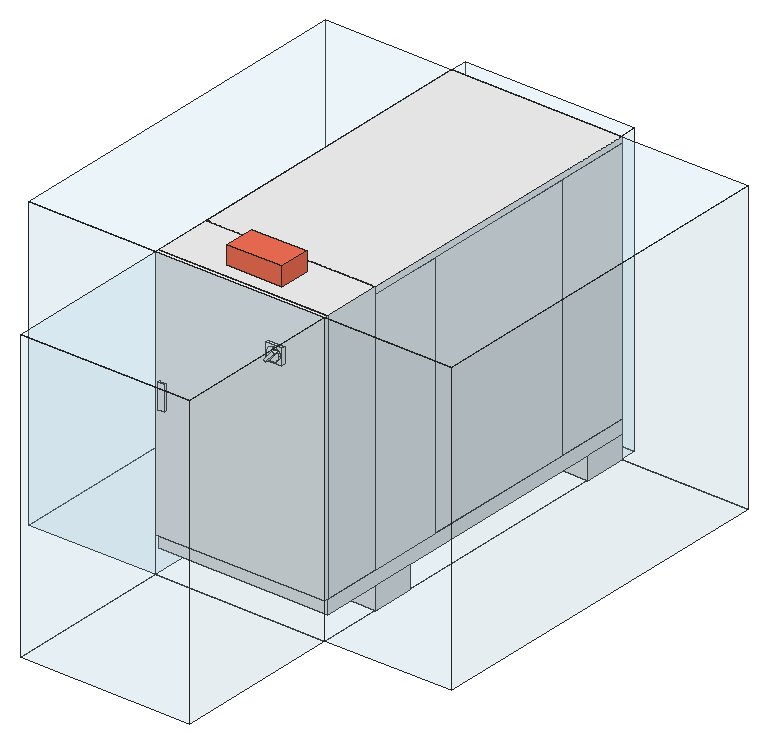
Revit family "VIESSMANN - Vitocal 200-G Pro", category Wyposażenie mechaniczne, Revit 2017
Family settings
  Wymiar okrągłego złącza = Użyj średnicy
  Typ części = Normalny
  Numer OmniClass = 23.75.10.21.17
  Tytuł OmniClass = Water-Source Heat Pumps
  Oparty na płaszczyźnie roboczej = Nie
  Zawsze pionowo = Tak
  Tnij formami wycięć po wczytaniu = Nie
  Współdzielony = Nie
  Punkt obliczania pomieszczeń = Nie
Parameters (values of type "BW 202.A080. Solanka/woda (B0/W35)")
  Średnica odejścia = 65 mm
  etas MT = 139
  etas LT = 189
  Znamionowa moc grzewcza = 75.4 kW
  Zasilanie elektryczne (V/ph/Hz) = "3LNPE/400 V/50 Hz"
  Wysokość całkowita = 1457 mm
  Wydajność chłodnicza = 59.2 kW
  Współczynnik mocy = [Cos Phi sprężarki przy maks. mocy w B15/W35]  # 0.72
  Wielkość napełnienia (wytyczna) = 9.90 kg
  Wersja prawostronna [instance] = not(Wersja lewostronna)  # no
  Wersja lewostronna [instance] = yes
  Viessmann Kolor 4 = Viessmann Kolor 4
  Viessmann Kolor 1 = Viessmann Kolor 1
  URL = "https://www.viessmann-projektant.pl/baza-urzadzen/pompy-ciepla-solankawoda-50-kw/vitocal200gpro"
  Szerokość całkowita = 800 mm
  System rozruchowy = "Moduł łagodnego rozruchu"
  Strefa serwisowa [instance] = yes
  Stopień ochrony = "IP54"
  Stopień efektywności ε (COP) = 4.66
  SCOP MT = 3.68
  SCOP LT = 4.93
  Rodzaj sprężarki = "Scroll - całkowicie hermetyczna"
  Prąd rozruchowy na sprężarkę (sprężarka 1/sprężarka 2) = "79,0/79,0"
  Producent = "Viessmann Sp. z o.o."
  Poziom mocy akustycznej = "79 dB(A)"
  Pobór mocy elektrycznej = 16.2 kW
  Opis = "2-stopniowe pompy ciepła solanka/woda z napędem elektrycznym do stosowania w jedno- lub dwusystemowych instalacjach grzewczych."
  Odsunięcie od ściany komunikat [instance] = if(Odsunięcie od ściany < 80 mm, "UWAGA. Wymagana jest odległość od ściany ≥ 80 mm", "ok")  # "ok"
  Odsunięcie od ściany [instance] = 80 mm
  Odsunięcie konektorów w poziomie 2 [instance] = if(Wersja lewostronna, 107 mm, 1347 mm)  # 107 mm
  Odsunięcie konektorów w poziomie 1 [instance] = if(Wersja lewostronna, 1347 mm, 107 mm)  # 1347 mm
  Odsunięcie konektorów [instance] = if(Wersja lewostronna, 100 mm, 890 mm)  # 100 mm
  Obieg wtórny. Znamionowy przepływ objętościowy (wartość zalecana do projektowania) = 13.1 m³/h
  Obieg wtórny. Różnica temperatur = 5  # 5 °C
  Obieg wtórny. Pojemność wymiennika ciepła (woda) = 13.1 L
  Obieg wtórny. Opór przepływu przy znamionowym przepływie objętościowym (całkowita strata ciśnienia skraplacza z przyłączami) = 6.0 kPa
  Obieg wtórny. Opór przepływu przy minimalnym przepływie objętościowym = 4.0 kPa
  Obieg wtórny. Minimalny przepływ objętościowy = 9.1 m³/h
  Obieg wtórny. Maks. temperatura na zasilaniu na wlocie z obiegu pierwotnego B 0°C = 55 °C
  Obieg wtórny. Maks. temperatura na zasilaniu na wlocie z obiegu pierwotnego B +8°C = 0 °C
  Obieg wtórny. Maks. temperatura na zasilaniu na wlocie z obiegu pierwotnego B +5°C = 60 °C
  Obieg wtórny. Dop. ciśnienie robocze = 1.0 MPa
  Obieg wtórny od strony zestawu przyłączy (kołnierz) = "DN 65/PN 10"
  Obieg wtórny od strony skraplacza (Victaulic) = "2½\" (DN 65)"
  Obieg pierwotny. Znamionowy przepływ objętościowy (wartość zalecana do projektowania) = 17.7 m³/h
  Obieg pierwotny. Różnica temperatur = 3  # 3 °C
  Obieg pierwotny. Pojemność wymiennika ciepła (solanka) = 9.1 L
  Obieg pierwotny. Opór przepływu przy znamionowym przepływie objętościowym (całkowita strata ciśnienia skraplacza z przyłączami) = 26.0 kPa
  Obieg pierwotny. Opór przepływu przy minimalnym przepływie objętościowym = 20.0 kPa
  Obieg pierwotny. Ochrona przed zamarzaniem/temperatura początku krystalizacji (zalecany czynnik chłodzący Tyfocor) = -12.3 °C
  Obieg pierwotny. Minimalny przepływ objętościowy = 12.4 m³/h
  Obieg pierwotny. Dop. ciśnienie robocze = 1.0 MPa
  Obieg pierwotny od strony zestawu przyłączy (kołnierz) = "DN 65/PN 10"
  Obieg pierwotny od strony parownika (Victaulic) = "2½\" (DN 65)"
  Obciążenie pozorne = Całkowity maksymalny pobór mocy / Współczynnik mocy  # 36388.9 W
  Natężenie znamionowe sprężarek (łącznie) = 32.5 A
  Napięcie znamionowe = 400 V
  Największe wewnętrzne zabezpieczenie pompy ciepła (charakterystyka zadziałania "C") = 32 A
  Model = "Solankowa pompa ciepła Vitocal 200-G PRO 80kW / Brine-water heat pump Vitocal 200-G PRO 80kW"  # constant formula
  Masa całkowita (urządzenie podstawowe bez opcjonalnej obudowy) = 452.00 kg
  Maksymalne dopuszczalne zabezpieczenie zasilania przez inwestora = 63 A
  Maks. prąd roboczy = 45.3 A
  Liczba sprężarek = 2
  Liczba obiegów chłodniczych = 1
  Liczba biegunów = 3  # constant formula
  Ilość oleju = 6.6 L
  Długość całkowita = 1753 mm
  Dopuszczalne ciśnienie robocze. Strona wysokociśnieniowa = 4.5 MPa
  Dopuszczalne ciśnienie robocze. Strona niskociśnieniowa = 1.8 MPa
  Częstotliwość = 50 Hz
  Czynnik chłodniczy = "R410A"
  Cos Phi sprężarki przy maks. mocy w B15/W35 = 0.72
  Całkowity prąd rozruchowy (stopniowo) = 101.7 A
  Całkowity maksymalny pobór mocy = 26.2 kW
  Autor = "www.archispace.pl"
Types (3, lengths in mm): name | etas MT | Znamionowa moc grzewcza | Wydajność chłodnicza | Wielkość napełnienia (wytyczna) | Stopień efektywności ε (COP) | SCOP MT | SCOP LT | Prąd rozruchowy na sprężarkę (sprężarka 1/sprężarka 2) | Poziom mocy akustycznej | Pobór mocy elektrycznej | Obieg wtórny. Znamionowy przepływ objętościowy (wartość zalecana do projektowania) | Obieg wtórny. Różnica temperatur | Obieg wtórny. Pojemność wymiennika ciepła (woda) | Obieg wtórny. Minimalny przepływ objętościowy | Obieg pierwotny. Znamionowy przepływ objętościowy (wartość zalecana do projektowania) | Obieg pierwotny. Różnica temperatur | Obieg pierwotny. Pojemność wymiennika ciepła (solanka) | Obieg pierwotny. Opór przepływu przy znamionowym przepływie objętościowym (całkowita strata ciśnienia skraplacza z przyłączami) | Obieg pierwotny. Minimalny przepływ objętościowy | Obciążenie pozorne | Natężenie znamionowe sprężarek (łącznie) | Największe wewnętrzne zabezpieczenie pompy ciepła (charakterystyka zadziałania "C") | Masa całkowita (urządzenie podstawowe bez opcjonalnej obudowy) | Maksymalne dopuszczalne zabezpieczenie zasilania przez inwestora | Maks. prąd roboczy | Ilość oleju | Całkowity prąd rozruchowy (stopniowo) | Całkowity maksymalny pobór mocy
  (no name) | 139 | 75.4 kW | 59.2 kW | 9.90 kg | 4.66 | 3.68 | 4.93 | "79,0/79,0" | "79 dB(A)" | 16.2 kW | 13.1 m³/h | 5 (stored number, unit not read) | 13.1 L | 9.1 m³/h | 17.7 m³/h | 3 (stored number, unit not read) | 9.1 L | 26.0 kPa | 12.4 m³/h | 36388.9 W | 32.5 A | 32 A | 452.00 kg | 63 A | 45.3 A | 6.6 L | 101.7 A | 26.2 kW
  BW 202.A080. Solanka/woda (B0/W35) | 139 | 75.4 kW | 59.2 kW | 9.90 kg | 4.66 | 3.68 | 4.93 | "79,0/79,0" | "79 dB(A)" | 16.2 kW | 13.1 m³/h | 5 °C | 13.1 L | 9.1 m³/h | 17.7 m³/h | 3 °C | 9.1 L | 26.0 kPa | 12.4 m³/h | 36388.9 W | 32.5 A | 32 A | 452.00 kg | 63 A | 45.3 A | 6.6 L | 101.7 A | 26.2 kW
  BW 202.A100. Solanka/woda (B0/W35) | 140 | 101.0 kW | 79.3 kW | 13.50 kg | 4.65 | 3.7 | 4.92 | "98,0/107,5" | "84 dB(A)" | 21.7 kW | 17.4 m³/h | 5 °C | 17.2 L | 12.2 m³/h | 23.5 m³/h | 3 °C | 12.1 L | 27.0 kPa | 16.5 m³/h | 48611.1 W | 42.9 A | 50 A | 538.00 kg | 80 A | 59.9 A | 10.3 L | 133.5 A | 35.0 kW
Reference planes
  plane 1 "Środek (Przód/Tył)": y = -30
  plane 2: z = 0
  plane 3 "Środek (Lewa/Prawa)": x = 0
  plane 4: x = -500
  plane 5: x = -400
  plane 6: z = 429
  plane 7: z = 959
  plane 8: y = -1377
  plane 9: z = 429
  plane 10: z = 959
  plane 11: y = -1347
  plane 12: y = 50
Forms (mm)
  Sweep 1, solid, not visible
    path origin (-557.926, -1377, 1200) x (-1, 0, 0) y (0, 0, 1)
      loop
        line (-557.926, -1200) -> (-157.926, -1200)
    profile origin (-200, -1377, 0) x (0, 0, 1) y (0, 1, 0)
      loop
        circle (959, 0) r 32.5
      loop
        circle (429, 0) r 32.5
  Sweep 2, solid, not visible
    path origin (-557.926, -1347, 1200) x (-1, 0, 0) y (0, 0, 1)
      loop
        line (-557.926, -1200) -> (-157.926, -1200)
    profile origin (-200, -1347, 0) x (0, 0, 1) y (0, 1, 0)
      loop
        circle (959, 1210) r 32.5
      loop
        circle (429, 1210) r 32.5
  Extrusion 3, solid, material "Viessmann Strefy Serwisowe", visible <- "Strefa serwisowa"
    sketch origin (0, 0, 0) x (1, 0, 0) y (0, 1, 0)
      loop
        line (-400, -30) -> (-1000, -30) -> (-1000, -1783) -> (-400, -1783) -> (-400, -30)
    from 0 to 1370
  Extrusion 4, solid, material "Viessmann Strefy Serwisowe", visible <- "Strefa serwisowa"
    sketch origin (0, 0, 0) x (-1, 0, 0) y (0, -1, 0)
      loop
        line (-400, 30) -> (-400, 1783) -> (-1000, 1783) -> (-1000, 30) -> (-400, 30)
    from 0 to 1370
  Extrusion 5, solid, material "Viessmann Strefy Serwisowe", visible <- "Strefa serwisowa"
    sketch origin (696.269, 2188.659, 0) x (1, 0, 0) y (0, 1, 0)
      loop
        line (-296.269, -2138.659) -> (-1096.269, -2138.659) -> (-1096.269, -2218.659) -> (-296.269, -2218.659) -> (-296.269, -2138.659)
    from 0 to 1370
  Extrusion 6, solid, material "Viessmann Strefy Serwisowe", visible <- "Strefa serwisowa"
    sketch origin (1476.269, 248.659, 0) x (1, 0, 0) y (0, 1, 0)
      loop
        line (-1076.269, -2031.659) -> (-1876.269, -2031.659) -> (-1876.269, -2831.659) -> (-1076.269, -2831.659) -> (-1076.269, -2031.659)
    from 0 to 1370
Dimensions and locks
  locked: plane 3 "Środek (Lewa/Prawa)" to plane 4 at 500
  "Odsunięcie konektorów": plane 5 to plane 4
  locked: level to plane 6 at 429
  locked: level to plane 7 at 959
  "Odsunięcie konektorów w poziomie 1": plane 8 to plane 1 "Środek (Przód/Tył)"
  "Odsunięcie konektorów w poziomie 2": plane 1 "Środek (Przód/Tył)" to Sweep 2 sketch curve  (x2)
  locked: Extrusion 3 sketch curve to plane 3 "Środek (Lewa/Prawa)" at 400
  Extrusion 3 sketch curve to Extrusion 3 sketch curve = 600 mm
  Extrusion 4 sketch curve to Extrusion 4 sketch curve = 600 mm
  Extrusion 5 sketch curve to Extrusion 5 sketch curve = 800 mm
  Extrusion 6 sketch curve to Extrusion 6 sketch curve = 800 mm  (x2)
  Extrusion 6 to Extrusion 6 = 800 mm
  locked: Extrusion 6 sketch curve to plane 3 "Środek (Lewa/Prawa)" at 400
  locked: plane 3 "Środek (Lewa/Prawa)" to Extrusion 6 sketch curve at 400
  locked: Extrusion 5 sketch curve to plane 3 "Środek (Lewa/Prawa)" at 400
  locked: plane 3 "Środek (Lewa/Prawa)" to Extrusion 5 sketch curve at 400
  "Odsunięcie od ściany": plane 12 to plane 1 "Środek (Przód/Tył)"
  aligned and locked: level to plane 2
  aligned and locked: plane 3 "Środek (Lewa/Prawa)" to Sweep 1 sketch curve
  aligned and locked: plane 5 to Sweep 1 sketch curve
  aligned and locked: Sweep 1 sketch curve to plane 7
  aligned and locked: Sweep 1 sketch curve to plane 6
  aligned and locked: profile plane to Sweep 1 sketch curve  (x2)
  aligned and locked: Sweep 2 sketch curve to plane 10
  aligned and locked: Sweep 2 sketch curve to plane 9
  aligned and locked: plane 5 to Sweep 2 sketch curve
  aligned and locked: plane 3 "Środek (Lewa/Prawa)" to Sweep 2 sketch curve
  aligned and locked: plane 1 "Środek (Przód/Tył)" to nested 1
  aligned and locked: plane 1 "Środek (Przód/Tył)" to Extrusion 5
Automatic sketch dimensions
  Sweep 1 sketch curve to level = 0 mm
  Sweep 2 sketch curve to level = 0 mm
  plane 1 "Środek (Przód/Tył)" to Extrusion 3 sketch curve = 0 mm
  plane 1 "Środek (Przód/Tył)" to Extrusion 3 sketch curve = 1753 mm
  plane 1 "Środek (Przód/Tył)" to Extrusion 4 sketch curve = 0 mm
  Extrusion 4 sketch curve to plane 3 "Środek (Lewa/Prawa)" = 1000 mm
  Extrusion 4 sketch curve to plane 1 "Środek (Przód/Tył)" = 1753 mm
  Extrusion 5 sketch curve to plane 12 = 0 mm
  plane 1 "Środek (Przód/Tył)" to Extrusion 5 sketch curve = 0 mm
  plane 1 "Środek (Przód/Tył)" to Extrusion 6 sketch curve = 2553 mm
  radius of Sweep 1 sketch curve = 32.5 mm  (x2)
  radius of Sweep 2 sketch curve = 32.5 mm  (x2)
Nested families
  nested 1: "Vitocal 200-G Pro" at (0, -30, 0), type "BW 202.A"
Connectors
  electrical at (0, -30, 755), driven by "Napięcie znamionowe", driven by "Współczynnik mocy", driven by "Obciążenie pozorne", driven by "Liczba biegunów", driven by "Obciążenie pozorne"
    settings: on nested 1, index 1, voltage 400 V, apparent load 36388.9 W, apparent load phase1 36388.9 W, apparent load phase2 0 W, apparent load phase3 0 W, power factor 0.72, load classification "Moc", number of poles 3, system type 30, power factor state 1, is connector primary yes, connector utility no, sub classification motor no, connector description ""
  piping at (-400, -137, 959), diameter 65, driven by "Średnica odejścia", driven by "Obieg pierwotny. Znamionowy przepływ objętościowy (wartość zalecana do projektowania)"
    settings: on Sweep 2, index 2, connector inside diameter 609.6 mm, connector length 0 mm, flow factor 0, pipe flow 17.7 m³/h, pressure drop 0.0 kPa, fitting loss kfactor 0, connector angle 0.00°, fixture units 0, engagement length 0 mm, angle of deflection 0.00°, flow configuration 1, flow direction 2, fitting loss method 0, system type 7, joint type 0, gender type 0, connector reference index -1, connector utility 0, adjustable connector no, is connector primary yes, connector description ""
  piping at (-400, -137, 429), diameter 65, driven by "Średnica odejścia", driven by "Obieg pierwotny. Znamionowy przepływ objętościowy (wartość zalecana do projektowania)"
    settings: on Sweep 2, index 3, connector inside diameter 609.6 mm, connector length 0 mm, flow factor 0, pipe flow 17.7 m³/h, pressure drop 0.0 kPa, fitting loss kfactor 0, connector angle 0.00°, fixture units 0, engagement length 0 mm, angle of deflection 0.00°, flow configuration 1, flow direction 1, fitting loss method 0, system type 8, joint type 0, gender type 0, connector reference index -1, connector utility 0, adjustable connector no, is connector primary no, connector description ""
  piping at (-400, -1377, 959), diameter 65, driven by "Średnica odejścia", driven by "Obieg wtórny. Znamionowy przepływ objętościowy (wartość zalecana do projektowania)"
    settings: on Sweep 1, index 4, connector inside diameter 609.6 mm, connector length 0 mm, flow factor 0, pipe flow 13.1 m³/h, pressure drop 0.0 kPa, fitting loss kfactor 0, connector angle 0.00°, fixture units 0, engagement length 0 mm, angle of deflection 0.00°, flow configuration 1, flow direction 2, fitting loss method 0, system type 7, joint type 0, gender type 0, connector reference index -1, connector utility 0, adjustable connector no, is connector primary no, connector description ""
  piping at (-400, -1377, 429), diameter 65, driven by "Średnica odejścia", driven by "Obieg wtórny. Znamionowy przepływ objętościowy (wartość zalecana do projektowania)"
    settings: on Sweep 1, index 5, connector inside diameter 609.6 mm, connector length 0 mm, flow factor 0, pipe flow 13.1 m³/h, pressure drop 0.0 kPa, fitting loss kfactor 0, connector angle 0.00°, fixture units 0, engagement length 0 mm, angle of deflection 0.00°, flow configuration 1, flow direction 1, fitting loss method 0, system type 8, joint type 0, gender type 0, connector reference index -1, connector utility 0, adjustable connector no, is connector primary no, connector description ""
  electrical at (0, -30, 136.5)
    settings: on nested 1, index 6, voltage 0 V, apparent load 0 W, apparent load phase1 0 W, apparent load phase2 0 W, apparent load phase3 0 W, power factor 1, load classification "Inne", number of poles 1, system type 13, power factor state 1, is connector primary no, connector utility no, sub classification motor no, connector description ""
Definition of nested family "Vitocal 200-G Pro"
  Parameters (values of type "BW 202.A")
    Wersja prawostronna = not(Wersja lewostronna)  # no
    Wersja lewostronna = yes
    Odsunięcie Prawe = if(Wersja prawostronna, 110 mm, 50 mm)  # 50 mm
    Odsunięcie Lewe = if(Wersja lewostronna, 110 mm, 50 mm)  # 110 mm
    Materiał2 = none
    Materiał = none
  Reference planes
    plane 1 "Center (Front/Back)": y = 0
    plane 2: z = 0
    plane 3 "Center (Left/Right)": x = 0
    plane 4: z = 105
    plane 5: z = 429
    plane 6: z = 959
    plane 7: y = -107
    plane 8: y = -1347
    plane 9: z = 429
    plane 10: z = 959
    plane 11: y = -107
    plane 12: y = -1347
  Forms (mm)
    Extrusion 1, solid, material <- "Materiał", detail levels fine
      sketch origin (0, -876.5, 0) x (1, 0, 0) y (0, 1, 0)
        loop
          line (-400, -856.5) -> (400, -856.5) -> (400, 876.5) -> (-400, 876.5) -> (-400, -856.5)
      from 105 to 1370
    Extrusion 2, solid, material <- "Materiał", detail levels fine
      sketch origin (0, 0, 0) x (0, 1, 0) y (0, 0, 1)
        loop
          line (-1733, 1370) -> (-1753, 1370) -> (-1753, 172) -> (-1733, 172) -> (-1733, 1370)
      from -400 to 400
    Extrusion 3, solid, material <- "Materiał", detail levels medium+fine
      sketch origin (0, 0, 0) x (0, 1, 0) y (0, 0, 1)
        loop
          line (0, 105) -> (-200, 105) -> (-200, 0) -> (0, 0) -> (0, 105)
        loop
          line (-1253, 105) -> (-1453, 105) -> (-1453, 0) -> (-1253, 0) -> (-1253, 105)
      from 285.463 to 400
    Extrusion 4, solid, material <- "Materiał", detail levels medium+fine
      sketch origin (0, 0, 0) x (0, 1, 0) y (0, 0, -1)
        loop
          line (0, -105) -> (0, 0) -> (-200, 0) -> (-200, -105) -> (0, -105)
        loop
          line (-1253, -105) -> (-1253, 0) -> (-1453, 0) -> (-1453, -105) -> (-1253, -105)
      from 285.463 to 400
    Extrusion 5, solid, material <- "Materiał2", detail levels medium+fine
      sketch origin (0, 0, 0) x (1, 0, 0) y (0, 0, 1)
        loop
          line (-130, 1457) -> (-130, 1370) -> (130, 1370) -> (130, 1457) -> (-130, 1457)
      from 1523 to 1668
    Extrusion 6, solid, material <- "Materiał", detail levels fine
      sketch origin (0, 0, 0) x (1, 0, 0) y (0, 0, 1)
        loop
          line (134.257, 1182.887) -> (134.257, 1107.887) -> (209.257, 1107.887) -> (209.257, 1182.887) -> (134.257, 1182.887)
      from 1753 to 1770
    Extrusion 7, solid, material <- "Materiał", detail levels fine
      sketch origin (0, 0, 0) x (1, 0, 0) y (0, 0, 1)
        loop
          circle (171.757, 1145.387) r 30
      from 1770 to 1776
    Extrusion 8, solid, material <- "Materiał", detail levels fine
      sketch origin (0, 0, 0) x (1, 0, 0) y (0, 0, 1)
        loop
          arc (148.266, 1126.726) -> (152.473, 1122.405) -> (157.459, 1119.013) r 30
          line (157.459, 1119.013) -> (195.247, 1164.047)
          arc (195.247, 1164.047) -> (191.04, 1168.368) -> (186.054, 1171.761) r 30
          line (186.054, 1171.761) -> (148.266, 1126.726)
      from 1776 to 1800
    Extrusion 9, solid, material <- "Materiał", detail levels fine
      sketch origin (0, 0, 0) x (1, 0, 0) y (0, 0, 1)
        loop
          line (-380, 828.278) -> (-380, 713.278) -> (-350, 713.278) -> (-350, 828.278) -> (-380, 828.278)
      from 1753 to 1763
    Sweep 10, void
      path origin (0, 0, 0) x (0, 1, 0) y (0, 0, 1)
        loop
          line (0, 170) -> (-1733, 170)
      profile origin (0, -866.5, 170) x (0, 0, -1) y (1, 0, 0)
        loop
          line (0, -400) -> (2, -400) -> (2, -398) -> (-2, -398) -> (-2, -400) -> (0, -400)
        loop
          line (0, 400) -> (-2, 400) -> (-2, 398) -> (2, 398) -> (2, 400) -> (0, 400)
    Sweep 11, void
      path origin (0, 0, 0) x (0, 1, 0) y (0, 0, 1)
        loop
          line (0, 1340) -> (-1453, 1340)
      profile origin (0, -726.5, 1340) x (0, 0, -1) y (1, 0, 0)
        loop
          line (2, -398) -> (-2, -398) -> (-2, -400) -> (2, -400) -> (2, -398)
        loop
          line (2, 398) -> (2, 400) -> (-2, 400) -> (-2, 398) -> (2, 398)
    Sweep 12, void
      path origin (0, 0, 0) x (0, 1, 0) y (0, 0, 1)
        loop
          line (-1453, 169) -> (-1453, 1370)
      profile origin (0, -1453, 769.5) x (0, -1, 0) y (1, 0, 0)
        loop
          line (2, -398) -> (-2, -398) -> (-2, -400) -> (2, -400) -> (2, -398)
        loop
          line (2, 398) -> (2, 400) -> (-2, 400) -> (-2, 398) -> (2, 398)
    Sweep 13, void
      path origin (0, 0, 0) x (1, 0, 0) y (0, 0, 1)
        loop
          line (-400, 1370) -> (400, 1370)
      profile origin (0, 0, 1370) x (0, 0, 1) y (0, -1, 0)
        loop
          line (0, 1451) -> (0, 1455) -> (-2, 1455) -> (-2, 1451) -> (0, 1451)
    Sweep 14, void
      path origin (0, 0, 0) x (1, 0, 0) y (0, 0, 1)
        loop
          line (-400, 171) -> (400, 171)
      profile origin (0, 0, 171) x (0, 0, 1) y (0, -1, 0)
        loop
          line (1, 0) -> (1, 2) -> (-3, 2) -> (-3, 0) -> (1, 0)
        loop
          line (1171, 0) -> (1171, 2) -> (1167, 2) -> (1167, 0) -> (1171, 0)
    Sweep 15, void
      path origin (0, 0, 0) x (0, 1, 0) y (0, 0, 1)
        loop
          line (0, 1339) -> (0, 171)
      profile origin (0, 0, 755) x (1, 0, 0) y (0, 1, 0)
        loop
          line (-398, -1105) -> (-398, -1101) -> (-400, -1101) -> (-400, -1105) -> (-398, -1105)
        loop
          line (-398, -352) -> (-398, -348) -> (-400, -348) -> (-400, -352) -> (-398, -352)
        loop
          line (398, -1105) -> (400, -1105) -> (400, -1101) -> (398, -1101) -> (398, -1105)
        loop
          line (398, -352) -> (400, -352) -> (400, -348) -> (398, -348) -> (398, -352)
    Sweep 16, void
      path origin (0, 0, 0) x (1, 0, 0) y (0, 0, 1)
        loop
          line (450, 0) -> (500, 0)
      profile origin (475, 0, 0) x (0, 0, 1) y (0, -1, 0)
        loop
          circle (959, 107) r 32.5
        loop
          circle (429, 107) r 32.5
        loop
          circle (429, 1347) r 32.5
        loop
          circle (959, 1347) r 32.5
    Sweep 17, void
      path origin (0, 0, 0) x (-1, 0, 0) y (0, 0, 1)
        loop
          line (390, 0) -> (500, 0)
      profile origin (-445, 0, 0) x (0, 0, -1) y (0, -1, 0)
        loop
          circle (-959, 107) r 32.5
        loop
          circle (-429, 107) r 32.5
        loop
          circle (-429, 1347) r 32.5
        loop
          circle (-959, 1347) r 32.5
    Extrusion 18, solid, material <- "Materiał", detail levels medium
      sketch origin (0, 0, 0) x (0, 1, 0) y (0, 0, 1)
        loop
          line (0, 1370) -> (-1753, 1370) -> (-1753, 105) -> (0, 105) -> (0, 1370)
      from -400 to 400
    Extrusion 19, solid, material <- "Materiał", detail levels coarse
      sketch origin (0, 0, 0) x (0, 1, 0) y (0, 0, 1)
        loop
          line (0, 1457) -> (-1753, 1457) -> (-1753, 0) -> (0, 0) -> (0, 1457)
      from -400 to 400
  Cuts and joins
    Sweep 10, Sweep 11, Sweep 12, Sweep 13, Sweep 14, Sweep 15, Sweep 16, Sweep 17 cuts Extrusion 1
  Dimensions and locks
    locked: Sweep 16 sketch curve to plane 3 "Center (Left/Right)" at 500
    plane 5 to level = 429 mm
    plane 6 to level = 959 mm
    plane 1 "Center (Front/Back)" to plane 7 = 107 mm
    plane 8 to Extrusion 2 = 406 mm
    "Odsunięcie Prawe": Sweep 16 sketch curve to Sweep 16 sketch curve
    locked: plane 3 "Center (Left/Right)" to Sweep 17 sketch curve at 500
    "Odsunięcie Lewe": Sweep 17 sketch curve to Sweep 17 sketch curve
    aligned and locked: level to plane 2
  Automatic sketch dimensions
    plane 1 "Center (Front/Back)" to Extrusion 1 sketch curve = 0 mm
    Extrusion 1 sketch curve to plane 3 "Center (Left/Right)" = 400 mm
    plane 3 "Center (Left/Right)" to Extrusion 1 sketch curve = 400 mm
    Extrusion 1 sketch curve to Extrusion 1 sketch curve = 1733 mm
    plane 1 "Center (Front/Back)" to Extrusion 2 sketch curve = 1753 mm
    Extrusion 2 sketch curve to Extrusion 2 sketch curve = 20 mm
    plane 4 to Extrusion 2 sketch curve = 67 mm
    Extrusion 2 sketch curve to Extrusion 2 sketch curve = 1198 mm
    Extrusion 3 sketch curve to plane 4 = 0 mm  (x2)
    Extrusion 3 sketch curve to level = 0 mm  (x2)
    Extrusion 3 sketch curve to plane 1 "Center (Front/Back)" = 0 mm
    plane 1 "Center (Front/Back)" to Extrusion 3 sketch curve = 200 mm
    Extrusion 3 sketch curve to Extrusion 3 sketch curve = 1053 mm
    Extrusion 3 sketch curve to Extrusion 3 sketch curve = 200 mm
    plane 4 to Extrusion 4 sketch curve = 0 mm  (x2)
    Extrusion 4 sketch curve to level = 0 mm  (x2)
    Extrusion 4 sketch curve to plane 1 "Center (Front/Back)" = 0 mm
    plane 1 "Center (Front/Back)" to Extrusion 4 sketch curve = 200 mm
    Extrusion 4 sketch curve to Extrusion 4 sketch curve = 1053 mm
    Extrusion 4 sketch curve to Extrusion 4 sketch curve = 200 mm
    Extrusion 5 sketch curve to plane 3 "Center (Left/Right)" = 130 mm
    plane 3 "Center (Left/Right)" to Extrusion 5 sketch curve = 130 mm
    plane 4 to Extrusion 5 sketch curve = 1265 mm
    Extrusion 5 sketch curve to Extrusion 5 sketch curve = 87 mm
    plane 3 "Center (Left/Right)" to Extrusion 6 sketch curve = 134.257 mm
    Extrusion 6 sketch curve to Extrusion 6 sketch curve = 75 mm  (x2)
    plane 4 to Extrusion 6 sketch curve = 1002.887 mm
    plane 3 "Center (Left/Right)" to Extrusion 7 sketch curve = 171.757 mm
    plane 4 to Extrusion 7 sketch curve = 1040.387 mm
    Extrusion 8 sketch curve to Extrusion 8 sketch curve = 0 mm  (x2)
    plane 3 "Center (Left/Right)" to Extrusion 8 sketch curve = 148.266 mm
    Extrusion 8 sketch curve to Extrusion 8 sketch curve = 9.193 mm  (x2)
    Extrusion 8 sketch curve to Extrusion 8 sketch curve = 14.298 mm  (x2)
    plane 4 to Extrusion 8 sketch curve = 1014.013 mm
    Extrusion 8 sketch curve to Extrusion 8 sketch curve = 7.713 mm
    Extrusion 8 sketch curve to Extrusion 8 sketch curve = 18.66 mm
    Extrusion 9 sketch curve to plane 3 "Center (Left/Right)" = 380 mm
    Extrusion 9 sketch curve to Extrusion 9 sketch curve = 30 mm
    plane 4 to Extrusion 9 sketch curve = 608.278 mm
    Extrusion 9 sketch curve to Extrusion 9 sketch curve = 115 mm
    Sweep 10 sketch curve to plane 1 "Center (Front/Back)" = 0 mm
    plane 4 to Sweep 10 sketch curve = 65 mm
    plane 1 "Center (Front/Back)" to Sweep 10 sketch curve = 1733 mm
    Sweep 10 sketch curve to profile plane = 0 mm  (x2)
    profile plane to Sweep 10 sketch curve = 2 mm  (x2)
    Sweep 10 sketch curve to profile plane = 2 mm  (x2)
    Sweep 10 sketch curve to plane 3 "Center (Left/Right)" = 400 mm
    Sweep 10 sketch curve to Sweep 10 sketch curve = 2 mm  (x2)
    plane 3 "Center (Left/Right)" to Sweep 10 sketch curve = 398 mm
    Sweep 11 sketch curve to plane 1 "Center (Front/Back)" = 0 mm
    plane 4 to Sweep 11 sketch curve = 1235 mm
    plane 1 "Center (Front/Back)" to Sweep 11 sketch curve = 1453 mm
    profile plane to Sweep 11 sketch curve = 2 mm  (x2)
    Sweep 11 sketch curve to profile plane = 2 mm  (x2)
    Sweep 11 sketch curve to plane 3 "Center (Left/Right)" = 400 mm
    Sweep 11 sketch curve to Sweep 11 sketch curve = 2 mm  (x2)
    plane 3 "Center (Left/Right)" to Sweep 11 sketch curve = 398 mm
    plane 1 "Center (Front/Back)" to Sweep 12 sketch curve = 1453 mm
    plane 4 to Sweep 12 sketch curve = 64 mm
    Sweep 12 sketch curve to Sweep 12 sketch curve = 1201 mm
    profile plane to Sweep 12 sketch curve = 2 mm  (x2)
    Sweep 12 sketch curve to profile plane = 2 mm  (x2)
    Sweep 12 sketch curve to plane 3 "Center (Left/Right)" = 400 mm
    Sweep 12 sketch curve to Sweep 12 sketch curve = 2 mm  (x2)
    plane 3 "Center (Left/Right)" to Sweep 12 sketch curve = 398 mm
    Sweep 13 sketch curve to plane 3 "Center (Left/Right)" = 400 mm
    plane 3 "Center (Left/Right)" to Sweep 13 sketch curve = 400 mm
    plane 4 to Sweep 13 sketch curve = 1265 mm
    profile plane to Sweep 13 sketch curve = 0 mm
    profile plane to Sweep 13 sketch curve = 2 mm
    plane 1 "Center (Front/Back)" to Sweep 13 sketch curve = 1451 mm
    Sweep 13 sketch curve to Sweep 13 sketch curve = 4 mm
    plane 4 to Sweep 14 sketch curve = 66 mm
    Sweep 14 sketch curve to plane 3 "Center (Left/Right)" = 400 mm
    plane 3 "Center (Left/Right)" to Sweep 14 sketch curve = 400 mm
    Sweep 14 sketch curve to plane 1 "Center (Front/Back)" = 0 mm  (x2)
    profile plane to Sweep 14 sketch curve = 3 mm
    Sweep 14 sketch curve to profile plane = 1 mm
    Sweep 14 sketch curve to Sweep 14 sketch curve = 1166 mm
    Sweep 14 sketch curve to Sweep 14 sketch curve = 4 mm
    plane 1 "Center (Front/Back)" to Sweep 14 sketch curve = 2 mm  (x2)
    Sweep 15 sketch curve to plane 1 "Center (Front/Back)" = 0 mm
    plane 4 to Sweep 15 sketch curve = 66 mm
    Sweep 15 sketch curve to Sweep 15 sketch curve = 1168 mm
    Sweep 15 sketch curve to plane 3 "Center (Left/Right)" = 400 mm  (x2)
    Sweep 15 sketch curve to Sweep 15 sketch curve = 2 mm  (x4)
    plane 3 "Center (Left/Right)" to Sweep 15 sketch curve = 398 mm  (x2)
    profile plane to Sweep 15 sketch curve = 1105 mm
    Sweep 15 sketch curve to Sweep 15 sketch curve = 0 mm
    Sweep 15 sketch curve to Sweep 15 sketch curve = 4 mm  (x4)
    profile plane to Sweep 15 sketch curve = 352 mm  (x2)
    Sweep 16 sketch curve to plane 5 = 0 mm  (x2)
    Sweep 16 sketch curve to plane 6 = 0 mm  (x2)
    Sweep 16 sketch curve to plane 7 = 0 mm  (x2)
    Sweep 16 sketch curve to plane 8 = 0 mm  (x2)
    Sweep 17 sketch curve to plane 10 = 0 mm  (x2)
    Sweep 17 sketch curve to plane 9 = 0 mm  (x2)
    Sweep 17 sketch curve to plane 11 = 0 mm  (x2)
    Sweep 17 sketch curve to plane 12 = 0 mm  (x2)
    Extrusion 18 sketch curve to plane 4 = 0 mm
    Extrusion 18 sketch curve to plane 1 "Center (Front/Back)" = 0 mm
    plane 1 "Center (Front/Back)" to Extrusion 18 sketch curve = 1753 mm
    plane 4 to Extrusion 18 sketch curve = 1265 mm
    Extrusion 19 sketch curve to level = 0 mm
    Extrusion 19 sketch curve to plane 1 "Center (Front/Back)" = 0 mm
    plane 1 "Center (Front/Back)" to Extrusion 19 sketch curve = 1753 mm
    plane 4 to Extrusion 19 sketch curve = 1352 mm
    Sweep 16 sketch curve to level = 0 mm
    Sweep 17 sketch curve to level = 0 mm
    radius of Extrusion 7 sketch curve = 30 mm
    radius of Sweep 16 sketch curve = 32.5 mm  (x4)
    radius of Sweep 17 sketch curve = 32.5 mm  (x4)
